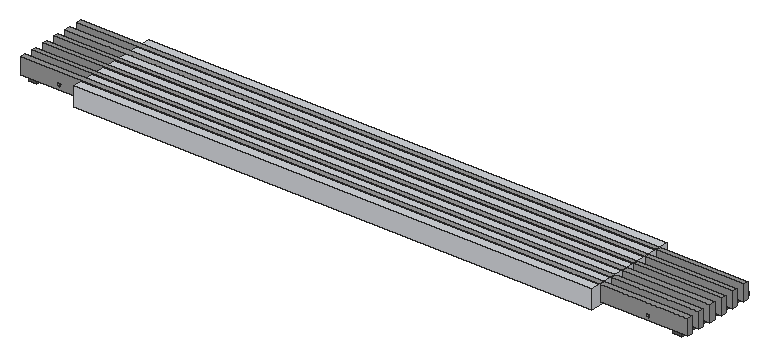
Revit family "1213-6, Veneer", category Generic Models, host Face, Revit 2020
Family settings
  Host = Face
  Can host rebar = No
  Round Connector Dimension = Use Diameter
  Part Type = Normal
  Cut with Voids When Loaded = No
  Shared = No
  Room Calculation Point = No
Parameters
  min_value [instance] = 1' - 11 1/4"  # constant formula
  max_value [instance] = 9' - 11 1/4"  # constant formula
  actual_value [instance] = if(NET LENGTH < min_value, min_value, if(NET LENGTH > max_value, max_value, NET LENGTH))  # 7' - 11 1/4"
  NET LENGTH [instance] = 7' - 11 1/4"
  IMPORTANT NOTE!!!                                                                             *Backer & dowel layout is for visualization purposes only, final layout to be determined by 9Wood. [instance] = ""
  Default Elevation = 4' - 0"
  DOWEL RADIUS [instance] = 0' - 0 1/4"  # constant formula
  BACKING M MATERIAL [instance] = BLACK-BACKERS
  .. MEMBER WIDTH [instance] = 0' - 0 3/4"  # constant formula
  .. MEMBER MATERIAL [instance] = Veneer Cherry
  .. MEMBER DEPTH [instance] = 0' - 2 1/4"  # constant formula
  .. MEMBER COUNT [instance] = 6  # constant formula
Reference planes (in)
  plane 1 "Center (Front/Back)": y = 0
  plane 2: z = 2.726
  plane 3 "Center (Left/Right)": x = 0
Forms (in)
  Extrusion 1, solid
    sketch origin (15, -0.86619, -0.99308) x (0, 1, 0) y (-1, 0, 0)
      loop
        line (3.42869, -23.66817) -> (3.42869, 50.25) -> (-10, 50.25) -> (-10, -23.66817) -> (3.42869, -23.66817)
    from 3.71908 to 1.00111
Dimensions and locks (in)
  aligned and locked: plane 2 to Extrusion 1
Nested families (in)
  nested 1: "1200 Series" at (-44, -2, 1.87867), NET LENGTH <- "actual_value", DOWEL RADII <- "DOWEL RADIUS", .. MEMBER WIDTH <- ".. MEMBER WIDTH", .. MEMBER DEPTH <- ".. MEMBER DEPTH", .. MEMBER MATERIAL <- ".. MEMBER MATERIAL", BACKING M MATERIAL <- "BACKING M MATERIAL", .. MEMBER COUNT <- ".. MEMBER COUNT", type "1200 Series"
    with X 7' - 4", WIDTH 1' - 0 1/16", Space 0' - 0 11/16", START 0' - 0 3/8", SCRIM MATERIAL SCRIM, SCRIM 3 8' - 1", SCRIM 2 0' - 0 7/8", SCRIM 1 0' - 0 3/32", SCRIM yes, NET LENGTH 7' - 11 1/4", N 8, INSET 3 0' - 0 3/16", INSET 0' - 1", INDEX 0' - 5 5/8", END BACKER yes, DOWEL RADII 0' - 0 1/4", DOWEL COUNT 8, BACKING M WIDTH 0' - 1 1/4", BACKING M MATERIAL BLACK-BACKERS, BACKING M LENGTH 0' - 11 7/8", BACKING M DEPTH 0' - 0 1/2", .. MEMBER WIDTH 0' - 0 3/4", .. MEMBER OC TYP 0' - 2", .. MEMBER MATERIAL Veneer Cherry, .. MEMBER DEPTH 0' - 2 1/4", .. MEMBER COUNT 6
Definition of nested family "1200 Series"
  Parameters (values of type "1200 Series")
    X [instance] = NET LENGTH - (0' 3 5/8" * 2)  # 6' - 2"
    WIDTH [instance] = 1' - 0 1/16"
    Space [instance] = 0' - 0 11/16"  # constant formula
    START [instance] = .. MEMBER WIDTH / 2  # 0' - 0 3/8"
    SCRIM MATERIAL [instance] = none
    SCRIM 3 [instance] = NET LENGTH + (SCRIM 2 * 2)  # 6' - 11"
    SCRIM 2 [instance] = 0' - 0 7/8"
    SCRIM 1 [instance] = 0' - 0 3/32"
    SCRIM [instance] = yes
    NET LENGTH [instance] = 6' - 9 1/4"
    N [instance] = if((X - (rounddown(X / 1' 0") * 1' 0")) > 1' 0", rounddown(X / 1' 0") + 2, rounddown(X / 1' 0") + 1)  # 7
    INSET 3 [instance] = 0' - 0 3/16"
    INSET [instance] = 0' - 1"
    INDEX [instance] = (NET LENGTH - ((N - 1) * 1' 0")) / 2  # 0' - 4 5/8"
    END BACKER [instance] = yes
    Default Elevation = 0' - 0"
    DOWEL RADII [instance] = 0' - 0 1/4"
    DOWEL COUNT [instance] = N  # 7
    BACKING M WIDTH [instance] = 0' - 1 1/4"
    BACKING M MATERIAL [instance] = none
    BACKING M LENGTH [instance] = 0' - 11 7/8"
    BACKING M DEPTH [instance] = 0' - 0 1/2"
    .. MEMBER WIDTH [instance] = 0' - 0 3/4"
    .. MEMBER OC TYP [instance] = 1' 0" / .. MEMBER COUNT  # 0' - 3"
    .. MEMBER MATERIAL [instance] = none
    .. MEMBER DEPTH [instance] = 0' - 1 3/8"
    .. MEMBER COUNT [instance] = 4
  Reference planes (in)
    plane 1 "Center (Front/Back)": y = -7.5
    plane 2: z = 0
    plane 3 "Center (Left/Right)": x = 0
    plane 4: x = 1
    plane 5: x = 4.625
    plane 6: x = 81.25
    plane 7: x = 80.25
    plane 8: x = 16.625
    plane 9: y = -7.3125
    plane 10: y = -4.125
    plane 11: y = -7.125
    plane 12: y = 4.5625
    plane 13: y = -4.5
    plane 14: y = -7.59375
    plane 15: x = 82.125
    plane 16: y = 4.65625
    plane 17: x = -0.875
    plane 18: z = -1.375
    plane 19: z = -0.6875
  Lines and regions (in)
    model lines
      curve 1: line (4.375, -7.5, -0.6875) -> (4.875, -7.5, -0.6875)
    model lines, not visible
      curve 2: line (4.625, -7.5, -0.9375) -> (4.625, -7.5, -0.4375)
      curve 3: line (4.375, -7.5, -0.6875) -> (4.875, -7.5, -0.6875)
      curve 4: line (16.625, -7.5, -0.9375) -> (16.625, -7.5, -0.4375)
      curve 5: line (16.375, -7.5, -0.6875) -> (16.875, -7.5, -0.6875)
      curve 6: line (28.625, -7.5, -0.9375) -> (28.625, -7.5, -0.4375)
      curve 7: line (28.375, -7.5, -0.6875) -> (28.875, -7.5, -0.6875)
      curve 8: line (40.625, -7.5, -0.9375) -> (40.625, -7.5, -0.4375)
      curve 9: line (40.375, -7.5, -0.6875) -> (40.875, -7.5, -0.6875)
      curve 10: line (52.625, -7.5, -0.9375) -> (52.625, -7.5, -0.4375)
      curve 11: line (52.375, -7.5, -0.6875) -> (52.875, -7.5, -0.6875)
      curve 12: line (64.625, -7.5, -0.9375) -> (64.625, -7.5, -0.4375)
      curve 13: line (64.375, -7.5, -0.6875) -> (64.875, -7.5, -0.6875)
      curve 14: line (76.625, -7.5, -0.9375) -> (76.625, -7.5, -0.4375)
      curve 15: line (76.375, -7.5, -0.6875) -> (76.875, -7.5, -0.6875)
  Dimensions and locks (in)
    "NET LENGTH": plane 3 "Center (Left/Right)" to plane 6
    "INSET": plane 7 to plane 6
    "INDEX": plane 3 "Center (Left/Right)" to plane 5
    plane 5 to plane 8 = 1' - 0"
    "INSET 3": plane 1 "Center (Front/Back)" to plane 9
    equal spacing: group 1, group 2, group 3, group 4  (x3)
    "START": plane 11 to plane 1 "Center (Front/Back)"
    ".. MEMBER OC TYP": plane 10 to plane 11
    "WIDTH": plane 12 to plane 1 "Center (Front/Back)"
    "START": plane 10 to plane 13
    "SCRIM 1": plane 14 to plane 1 "Center (Front/Back)"
    "SCRIM 2": plane 6 to plane 15
    "SCRIM 1": plane 12 to plane 16
    "SCRIM 2": plane 17 to plane 3 "Center (Left/Right)"
    "INSET": plane 3 "Center (Left/Right)" to plane 4
    equal spacing: group 5, group 6, group 7, group 8, group 9, group 10, group 11  (x3)
    "Space": plane 19 to plane 18
    aligned and locked: level to plane 2
    aligned and locked: nested 1 to plane 4  (x2)
    aligned and locked: plane 7 to nested 2
    aligned and locked: plane 5 to nested 3
    aligned and locked: nested 1 to plane 9
    aligned and locked: plane 1 "Center (Front/Back)" to nested 4
    aligned and locked: plane 9 to nested 2
    aligned and locked: plane 13 to nested 5
    aligned and locked: nested 3 to plane 9
    aligned and locked: plane 18 to nested 1
    aligned and locked: plane 19 to nested 3
    aligned and locked: curve 1 to plane 19
    aligned and locked: plane 8 to curve 4
    aligned and locked: curve 5 to plane 19
    aligned and locked: nested 4 to plane 18
  Automatic sketch dimensions
    curve 1 to curve 1 = 0' - 0 1/2"
    curve 1 to plane 5 = 0' - 0 1/4"
    plane 5 to curve 1 = 0' - 0 1/4"
    curve 3 to curve 2 = 0' - 0 1/4"  (x2)
    curve 2 to curve 3 = 0' - 0 1/4"  (x2)
    curve 5 to curve 4 = 0' - 0 1/4"  (x2)
    curve 4 to curve 5 = 0' - 0 1/4"  (x2)
    curve 7 to curve 6 = 0' - 0 1/4"  (x2)
    curve 6 to curve 7 = 0' - 0 1/4"  (x2)
    curve 9 to curve 8 = 0' - 0 1/4"  (x2)
    curve 8 to curve 9 = 0' - 0 1/4"  (x2)
    curve 11 to curve 10 = 0' - 0 1/4"  (x2)
    curve 10 to curve 11 = 0' - 0 1/4"  (x2)
    curve 13 to curve 12 = 0' - 0 1/4"  (x2)
    curve 12 to curve 13 = 0' - 0 1/4"  (x2)
    curve 15 to curve 14 = 0' - 0 1/4"  (x2)
    curve 14 to curve 15 = 0' - 0 1/4"  (x2)
  Nested families (in)
    nested 1: "INSTANCE - 2ND -  EXTEND SIDE H CENTER W - Parametric Cube" at (1, -1.375, -1.375) x (0, -1, 0) z (0, 0, 1), Width <- "BACKING M LENGTH", Length <- "BACKING M WIDTH", Material <- "BACKING M MATERIAL", Height <- "BACKING M DEPTH", visible <- "END BACKER", type "INSTANCE - 2ND -  EXTEND SIDE H CENTER W - Parametric Cube"
      with Width 0' - 11 7/8", Material none, Length 0' - 1 1/4", Height 0' - 0 1/2"
    nested 2: "INSTANCE - 2ND -  EXTEND SIDE H CENTER W - Parametric Cube" at (80.25, -1.375, -1.375) x (0, -1, 0) z (0, 0, 1), Width <- "BACKING M LENGTH", Length <- "BACKING M WIDTH", Material <- "BACKING M MATERIAL", Height <- "BACKING M DEPTH", visible <- "END BACKER", type "INSTANCE - 2ND -  EXTEND SIDE H CENTER W - Parametric Cube"
      with Width 0' - 11 7/8", Material none, Length 0' - 1 1/4", Height 0' - 0 1/2"
    nested 3: "Family3" at (-5.375, -7.3125, -0.6875), DOWEL RADII <- "DOWEL RADII", BACKING MEM MATERIAL <- "BACKING M MATERIAL", type "Family3"
      with DOWEL RADII 0' - 0 1/4", DOWEL LENGTH 0' - 11 7/8", BACKING MEM MATERIAL none
    nested 4: "HOLED MEMBER" at (0, -18.75, 6.19404), DOWEL RADII <- "DOWEL RADII", .. MEMBER LENGTH <- "NET LENGTH", DOWEL COUNT <- "DOWEL COUNT", DEPTH <- ".. MEMBER DEPTH", .. MEMBER WIDTH <- ".. MEMBER WIDTH", Material <- ".. MEMBER MATERIAL", DOWEL INDEX <- "INDEX", Space 2 <- "Space", type "HOLED MEMBER"
      with Width 0' - 6", Space 2 0' - 0 11/16", Material none, Length 1' - 0", Height 0' - 10.43096", DOWEL RADII 0' - 0 1/4", DOWEL OC DIST 1' - 0", DOWEL INDEX 0' - 4 5/8", DOWEL COUNT 7, DEPTH 0' - 1 3/8", .. MEMBER WIDTH 0' - 0 3/4", .. MEMBER LENGTH 6' - 9 1/4"
    nested 5: "HOLED MEMBER" at (0, -15.75, 6.19404), DOWEL RADII <- "DOWEL RADII", .. MEMBER LENGTH <- "NET LENGTH", DOWEL COUNT <- "DOWEL COUNT", DEPTH <- ".. MEMBER DEPTH", .. MEMBER WIDTH <- ".. MEMBER WIDTH", Material <- ".. MEMBER MATERIAL", DOWEL INDEX <- "INDEX", Space 2 <- "Space", type "HOLED MEMBER"
      with Width 0' - 6", Space 2 0' - 0 11/16", Material none, Length 1' - 0", Height 0' - 10.43096", DOWEL RADII 0' - 0 1/4", DOWEL OC DIST 1' - 0", DOWEL INDEX 0' - 4 5/8", DOWEL COUNT 7, DEPTH 0' - 1 3/8", .. MEMBER WIDTH 0' - 0 3/4", .. MEMBER LENGTH 6' - 9 1/4"
    nested 6: "HOLED MEMBER" at (0, -12.75, 6.19404), DOWEL RADII <- "DOWEL RADII", .. MEMBER LENGTH <- "NET LENGTH", DOWEL COUNT <- "DOWEL COUNT", DEPTH <- ".. MEMBER DEPTH", .. MEMBER WIDTH <- ".. MEMBER WIDTH", Material <- ".. MEMBER MATERIAL", DOWEL INDEX <- "INDEX", Space 2 <- "Space", type "HOLED MEMBER"
      with Width 0' - 6", Space 2 0' - 0 11/16", Material none, Length 1' - 0", Height 0' - 10.43096", DOWEL RADII 0' - 0 1/4", DOWEL OC DIST 1' - 0", DOWEL INDEX 0' - 4 5/8", DOWEL COUNT 7, DEPTH 0' - 1 3/8", .. MEMBER WIDTH 0' - 0 3/4", .. MEMBER LENGTH 6' - 9 1/4"
    nested 7: "HOLED MEMBER" at (0, -9.75, 6.19404), DOWEL RADII <- "DOWEL RADII", .. MEMBER LENGTH <- "NET LENGTH", DOWEL COUNT <- "DOWEL COUNT", DEPTH <- ".. MEMBER DEPTH", .. MEMBER WIDTH <- ".. MEMBER WIDTH", Material <- ".. MEMBER MATERIAL", DOWEL INDEX <- "INDEX", Space 2 <- "Space", type "HOLED MEMBER"
      with Width 0' - 6", Space 2 0' - 0 11/16", Material none, Length 1' - 0", Height 0' - 10.43096", DOWEL RADII 0' - 0 1/4", DOWEL OC DIST 1' - 0", DOWEL INDEX 0' - 4 5/8", DOWEL COUNT 7, DEPTH 0' - 1 3/8", .. MEMBER WIDTH 0' - 0 3/4", .. MEMBER LENGTH 6' - 9 1/4"
    nested 8: "Family3" at (6.625, -7.3125, -0.6875), DOWEL RADII <- "DOWEL RADII", BACKING MEM MATERIAL <- "BACKING M MATERIAL", type "Family3"
      with DOWEL RADII 0' - 0 1/4", DOWEL LENGTH 0' - 11 7/8", BACKING MEM MATERIAL none
    nested 9: "Family3" at (18.625, -7.3125, -0.6875), DOWEL RADII <- "DOWEL RADII", BACKING MEM MATERIAL <- "BACKING M MATERIAL", type "Family3"
      with DOWEL RADII 0' - 0 1/4", DOWEL LENGTH 0' - 11 7/8", BACKING MEM MATERIAL none
    nested 10: "Family3" at (30.625, -7.3125, -0.6875), DOWEL RADII <- "DOWEL RADII", BACKING MEM MATERIAL <- "BACKING M MATERIAL", type "Family3"
      with DOWEL RADII 0' - 0 1/4", DOWEL LENGTH 0' - 11 7/8", BACKING MEM MATERIAL none
    nested 11: "Family3" at (42.625, -7.3125, -0.6875), DOWEL RADII <- "DOWEL RADII", BACKING MEM MATERIAL <- "BACKING M MATERIAL", type "Family3"
      with DOWEL RADII 0' - 0 1/4", DOWEL LENGTH 0' - 11 7/8", BACKING MEM MATERIAL none
    nested 12: "Family3" at (54.625, -7.3125, -0.6875), DOWEL RADII <- "DOWEL RADII", BACKING MEM MATERIAL <- "BACKING M MATERIAL", type "Family3"
      with DOWEL RADII 0' - 0 1/4", DOWEL LENGTH 0' - 11 7/8", BACKING MEM MATERIAL none
    nested 13: "Family3" at (66.625, -7.3125, -0.6875), DOWEL RADII <- "DOWEL RADII", BACKING MEM MATERIAL <- "BACKING M MATERIAL", type "Family3"
      with DOWEL RADII 0' - 0 1/4", DOWEL LENGTH 0' - 11 7/8", BACKING MEM MATERIAL none
  Definition of nested family "INSTANCE - 2ND -  EXTEND SIDE H CENTER W - Parametric Cube"
    Parameters (values of type "INSTANCE - 2ND -  EXTEND SIDE H CENTER W - Parametric Cube")
      Width [instance] = 0' - 6"
      Material [instance] = none
      Length [instance] = 1' - 0"
      Height [instance] = 1' - 6"
      Default Elevation = 0' - 0"
    Reference planes (in)
      plane 1 "Center (Front/Back)": y = 0
      plane 2: z = 0
      plane 3 "Center (Left/Right)": x = 0
      plane 4: x = -3
      plane 5: x = 3
      plane 6: y = 12
      plane 7: z = -18
    Forms (in)
      Extrusion 1, solid, material <- "Material"
        sketch origin (0, 6, 0) x (1, 0, 0) y (0, 1, 0)
          loop
            line (-3, 6) -> (-3, -6) -> (3, -6) -> (3, 6) -> (-3, 6)
        from -18 to 0
    Dimensions and locks (in)
      equal spacing: plane 4, plane 3 "Center (Left/Right)", plane 5
      "Width": plane 4 to plane 5
      "Height": plane 7 to level
      "Length": plane 1 "Center (Front/Back)" to plane 6
      aligned and locked: plane 2 to level
      aligned and locked: plane 4 to Extrusion 1 sketch curve
      aligned and locked: Extrusion 1 sketch curve to plane 5
      aligned and locked: Extrusion 1 to plane 7
      aligned and locked: plane 6 to Extrusion 1
    Automatic sketch dimensions
      plane 1 "Center (Front/Back)" to Extrusion 1 sketch curve = 0' - 0"
      plane 6 to Extrusion 1 sketch curve = 0' - 0"
  Definition of nested family "Family3"
    Parameters (values of type "Family3")
      Default Elevation = 0' - 0"
      DOWEL RADII [instance] = 0' - 0 5/8"
      DOWEL LENGTH [instance] = 0' - 5"
      BACKING MEM MATERIAL [instance] = none
    Reference planes (in)
      plane 1 "Center (Front/Back)": y = 0
      plane 2: z = 0
      plane 3 "Center (Left/Right)": x = 0
      plane 4: y = 5
    Forms (in)
      Extrusion 1, solid, material <- "BACKING MEM MATERIAL"
        sketch origin (10, 0, 0) x (1, 0, 0) y (0, 0, 1)
          loop
            circle (0, 0) r 0.625
        from 0 to -5
      Extrusion 2, solid, not visible
        sketch origin (0, 0, 0) x (1, 0, 0) y (0, 0, 1)
          loop
            circle (0, 0) r 0.625
        from 0 to 12
      Extrusion 3, solid, not visible
        sketch origin (10, 0, 0) x (1, 0, 0) y (0, 0, 1)
          loop
            circle (0, 0) r 0.625
        from 0 to 2.5
      Extrusion 4, solid, not visible
        sketch origin (10, 0, 0) x (1, 0, 0) y (0, 0, 1)
          loop
            circle (0, 0) r 0.625
        from 0 to -12
    Lines and regions (in)
      model lines, not visible
        curve 1: line (-13, 0, 0) -> (-13, -12, 0)
        curve 2: line (13, 0, 0) -> (13, -12, 0)
        curve 3: line (9.89453, 0, 0) -> (10.08794, 0, 0)
        curve 4: line (9.89453, -2.5, 0) -> (10.08794, -2.5, 0)
        curve 6: line (10, 0, 0) -> (10, 2, 0)
      model lines
        curve 5: line (10, 0, 0) -> (10, 2, 0)
    Dimensions and locks (in)
      "DOWEL LENGTH": plane 1 "Center (Front/Back)" to plane 4
      "DOWEL RADII": radius of Extrusion 1 sketch curve
      "DOWEL RADII": radius of Extrusion 2 sketch curve
      "DOWEL RADII": radius of Extrusion 3 sketch curve
      "DOWEL RADII": radius of Extrusion 4 sketch curve
      "DOWEL RADII": radius of Extrusion 1
      aligned and locked: plane 2 to level
      aligned and locked: Extrusion 1 to plane 1 "Center (Front/Back)"  (x3)
      aligned and locked: plane 1 "Center (Front/Back)" to Extrusion 1
      aligned and locked: plane 4 to Extrusion 1
    Automatic sketch dimensions
      plane 1 "Center (Front/Back)" to curve 5 = 0' - 0"
      curve 5 to plane 1 "Center (Front/Back)" = 0' - 2"
      plane 3 "Center (Left/Right)" to curve 5 = 0' - 10"
      Extrusion 1 sketch curve to level = 0' - 0"
      plane 3 "Center (Left/Right)" to Extrusion 1 sketch curve = 0' - 10"
  Definition of nested family "HOLED MEMBER"
    Parameters (values of type "HOLED MEMBER")
      Width [instance] = 0' - 6"
      Space 2 [instance] = 0' - 0 5/8"
      Space = 0' - 0 5/8"
      Material [instance] = none
      Length [instance] = 1' - 0"
      Height [instance] = 0' - 10.43096"
      Default Elevation = 0' - 0"
      DOWEL RADII [instance] = 0' - 0.34537"
      DOWEL OC DIST [instance] = 1' - 0"
      DOWEL INSET = 0' - 0 5/8"
      DOWEL INDEX [instance] = 0' - 5 5/8"
      DOWEL COUNT [instance] = 6
      DEPTH [instance] = 0' - 2"
      .. MEMBER WIDTH [instance] = 0' - 0 5/8"
      .. MEMBER LENGTH [instance] = 5' - 11 3/4"
    Reference planes (in)
      plane 1 "Center (Front/Back)": y = 12
      plane 2: z = -7.56904
      plane 3 "Center (Left/Right)": x = 0
      plane 4: x = 5.625
      plane 5: x = 17.625
      plane 6: y = 11.375
      plane 7: x = 71.75
      plane 8: z = -6.94404
      plane 9: z = -5.56904
    Forms (in)
      Extrusion 1, solid, material <- "Material"
        sketch origin (0, 12, -13.56904) x (1, 0, 0) y (0, 0, 1)
          loop
            line (0, 6) -> (71.75, 6) -> (71.75, 8) -> (0, 8) -> (0, 6)
        from 0.625 to 0
      Extrusion 2, void
        sketch origin (0, 12, -18.31904) x (1, 0, 0) y (0, 0, 1)
          loop
            circle (5.625, 11.375) r 0.34537
        from 0 to 12
      Extrusion 3, void, not visible
        sketch origin (0, 1.25, 0) x (1, 0, 0) y (0, 1, 0)
          loop
            circle (5.625, 11.375) r 0.34537
        from 0 to 12
      Extrusion 4, void, not visible
        sketch origin (0, 1.25, 0) x (1, 0, 0) y (0, 1, 0)
          loop
            circle (5.625, 11.375) r 0.34537
        from 0 to 12
      Extrusion 5, void, not visible
        sketch origin (12, 1.25, 0) x (1, 0, 0) y (0, 1, 0)
          loop
            circle (5.625, 11.375) r 0.34537
        from 0 to 12
      Extrusion 6, void, not visible
        sketch origin (0, 12, -16.31904) x (1, 0, 0) y (0, 0, 1)
          loop
            circle (5.625, 11.375) r 0.34537
        from 0 to 12
      Extrusion 7, void, not visible
        sketch origin (12, 12, -16.31904) x (1, 0, 0) y (0, 0, 1)
          loop
            circle (5.625, 11.375) r 0.34537
        from 0 to 12
      Extrusion 8, void, not visible
        sketch origin (0, 12, -18.31904) x (1, 0, 0) y (0, 0, 1)
          loop
            circle (5.625, 11.375) r 0.34537
        from 0 to 12
      Extrusion 9, void
        sketch origin (12, 12, -18.31904) x (1, 0, 0) y (0, 0, 1)
          loop
            circle (5.625, 11.375) r 0.34537
        from 0 to 12
      Extrusion 10, void, not visible
        sketch origin (24, 12, -16.31904) x (1, 0, 0) y (0, 0, 1)
          loop
            circle (5.625, 11.375) r 0.34537
        from 0 to 12
      Extrusion 11, void, not visible
        sketch origin (36, 12, -16.31904) x (1, 0, 0) y (0, 0, 1)
          loop
            circle (5.625, 11.375) r 0.34537
        from 0 to 12
      Extrusion 12, void, not visible
        sketch origin (48, 12, -16.31904) x (1, 0, 0) y (0, 0, 1)
          loop
            circle (5.625, 11.375) r 0.34537
        from 0 to 12
      Extrusion 13, void, not visible
        sketch origin (60, 12, -16.31904) x (1, 0, 0) y (0, 0, 1)
          loop
            circle (5.625, 11.375) r 0.34537
        from 0 to 12
      Extrusion 14, void, not visible
        sketch origin (24, 1.25, 0) x (1, 0, 0) y (0, 1, 0)
          loop
            circle (5.625, 11.375) r 0.34537
        from 0 to 12
      Extrusion 15, void, not visible
        sketch origin (36, 1.25, 0) x (1, 0, 0) y (0, 1, 0)
          loop
            circle (5.625, 11.375) r 0.34537
        from 0 to 12
      Extrusion 16, void, not visible
        sketch origin (48, 1.25, 0) x (1, 0, 0) y (0, 1, 0)
          loop
            circle (5.625, 11.375) r 0.34537
        from 0 to 12
      Extrusion 17, void, not visible
        sketch origin (60, 1.25, 0) x (1, 0, 0) y (0, 1, 0)
          loop
            circle (5.625, 11.375) r 0.34537
        from 0 to 12
      Extrusion 18, void
        sketch origin (24, 12, -18.31904) x (1, 0, 0) y (0, 0, 1)
          loop
            circle (5.625, 11.375) r 0.34537
        from 0 to 12
      Extrusion 19, void
        sketch origin (36, 12, -18.31904) x (1, 0, 0) y (0, 0, 1)
          loop
            circle (5.625, 11.375) r 0.34537
        from 0 to 12
      Extrusion 20, void
        sketch origin (48, 12, -18.31904) x (1, 0, 0) y (0, 0, 1)
          loop
            circle (5.625, 11.375) r 0.34537
        from 0 to 12
      Extrusion 21, void
        sketch origin (60, 12, -18.31904) x (1, 0, 0) y (0, 0, 1)
          loop
            circle (5.625, 11.375) r 0.34537
        from 0 to 12
    Cuts and joins
      Extrusion 2, Extrusion 9, Extrusion 18, Extrusion 19, Extrusion 20, Extrusion 21 cuts Extrusion 1
    Lines and regions (in)
      model lines, not visible
        curve 1: line (5.625, 11.72037, 0) -> (5.625, 11.02963, 0)
        curve 2: line (5.625, 11.72037, 0) -> (5.625, 11.02963, 0)
        curve 3: line (17.625, 11.72037, 0) -> (17.625, 11.02963, 0)
        curve 4: line (5.625, 12, -7.56904) -> (5.625, 11.87317, -7.56904)
        curve 5: line (5.625, 11.87317, -7.56904) -> (5.06195, 11.87317, -7.56904)
        curve 6: line (5.06195, 11.87317, -7.56904) -> (5.27963, 11.375, -7.56904)
        curve 7: line (0, 12, -6.19404) -> (0, 11.61951, -6.19404)
        curve 8: line (0, 11.375, -8.19404) -> (0, 11.6747, -8.19404)
        curve 9: line (5.625, 12, -7.56904) -> (5.625, 11.69863, -7.56904)
        curve 11: line (5.625, 12, 0) -> (5.625, 12, 0.30137)
        curve 12: line (5.625, 12, 0) -> (5.625, 12, 0.30137)
        curve 13: line (17.625, 12, 0) -> (17.625, 12, 0.30137)
        curve 14: line (5.625, 12, -5.56904) -> (5.625, 11.69863, -5.56904)
        curve 15: line (17.625, 12, -5.56904) -> (17.625, 11.69863, -5.56904)
        curve 16: line (5.625, 12, -7.56904) -> (5.625, 11.69863, -7.56904)
        curve 18: line (29.625, 12, -5.56904) -> (29.625, 11.69863, -5.56904)
        curve 19: line (41.625, 12, -5.56904) -> (41.625, 11.69863, -5.56904)
        curve 20: line (53.625, 12, -5.56904) -> (53.625, 11.69863, -5.56904)
        curve 21: line (65.625, 12, -5.56904) -> (65.625, 11.69863, -5.56904)
        curve 22: line (29.625, 11.72037, 0) -> (29.625, 11.02963, 0)
        curve 23: line (29.625, 12, 0) -> (29.625, 12, 0.30137)
        curve 24: line (41.625, 11.72037, 0) -> (41.625, 11.02963, 0)
        curve 25: line (41.625, 12, 0) -> (41.625, 12, 0.30137)
        curve 26: line (53.625, 11.72037, 0) -> (53.625, 11.02963, 0)
        curve 27: line (53.625, 12, 0) -> (53.625, 12, 0.30137)
        curve 28: line (65.625, 11.72037, 0) -> (65.625, 11.02963, 0)
        curve 29: line (65.625, 12, 0) -> (65.625, 12, 0.30137)
        curve 35: line (5.27963, 12.625, 0) -> (5.97037, 12.625, 0)
        curve 36: line (5.27963, 12.625, 0) -> (5.97037, 12.625, 0)
        curve 37: line (17.27963, 12.625, 0) -> (17.97037, 12.625, 0)
        curve 38: line (5.27963, 12, -4.94404) -> (5.97037, 12, -4.94404)
        curve 39: line (17.27963, 12, -4.94404) -> (17.97037, 12, -4.94404)
        curve 40: line (5.27963, 12, -6.94404) -> (5.97037, 12, -6.94404)
        curve 42: line (29.27963, 12, -4.94404) -> (29.97037, 12, -4.94404)
        curve 43: line (41.27963, 12, -4.94404) -> (41.97037, 12, -4.94404)
        curve 44: line (53.27963, 12, -4.94404) -> (53.97037, 12, -4.94404)
        curve 45: line (65.27963, 12, -4.94404) -> (65.97037, 12, -4.94404)
        curve 46: line (29.27963, 12.625, 0) -> (29.97037, 12.625, 0)
        curve 47: line (41.27963, 12.625, 0) -> (41.97037, 12.625, 0)
        curve 48: line (53.27963, 12.625, 0) -> (53.97037, 12.625, 0)
        curve 49: line (65.27963, 12.625, 0) -> (65.97037, 12.625, 0)
        curve 54: line (0, 12, -6.94404) -> (0, 4.22059, -6.94404)
        curve 55: line (0, 12.625, 0) -> (0, 12.625, 7.77941)
        curve 56: line (0, 12.625, 0) -> (0, 12.625, 7.77941)
        curve 57: line (12, 12.625, 0) -> (12, 12.625, 7.77941)
        curve 58: line (0, 12, -4.94404) -> (0, 4.22059, -4.94404)
        curve 59: line (12, 12, -4.94404) -> (12, 4.22059, -4.94404)
        curve 60: line (0, 12, -6.94404) -> (0, 4.22059, -6.94404)
        curve 61: line (12, 12, -6.94404) -> (12, 4.22059, -6.94404)
        curve 62: line (24, 12, -4.94404) -> (24, 4.22059, -4.94404)
        curve 63: line (36, 12, -4.94404) -> (36, 4.22059, -4.94404)
        curve 64: line (48, 12, -4.94404) -> (48, 4.22059, -4.94404)
        curve 65: line (60, 12, -4.94404) -> (60, 4.22059, -4.94404)
        curve 66: line (24, 12.625, 0) -> (24, 12.625, 7.77941)
        curve 67: line (36, 12.625, 0) -> (36, 12.625, 7.77941)
        curve 68: line (48, 12.625, 0) -> (48, 12.625, 7.77941)
        curve 69: line (60, 12.625, 0) -> (60, 12.625, 7.77941)
        curve 70: line (24, 12, -6.94404) -> (24, 4.22059, -6.94404)
        curve 71: line (36, 12, -6.94404) -> (36, 4.22059, -6.94404)
        curve 72: line (48, 12, -6.94404) -> (48, 4.22059, -6.94404)
        curve 73: line (60, 12, -6.94404) -> (60, 4.22059, -6.94404)
      model lines
        curve 10: line (5.625, 12, -7.56904) -> (5.625, 11.69863, -7.56904)
        curve 17: line (17.625, 12, -7.56904) -> (17.625, 11.69863, -7.56904)
        curve 30: line (29.625, 12, -7.56904) -> (29.625, 11.69863, -7.56904)
        curve 31: line (41.625, 12, -7.56904) -> (41.625, 11.69863, -7.56904)
        curve 32: line (53.625, 12, -7.56904) -> (53.625, 11.69863, -7.56904)
        curve 33: line (65.625, 12, -7.56904) -> (65.625, 11.69863, -7.56904)
        curve 34: line (5.27963, 12, -6.94404) -> (5.97037, 12, -6.94404)
        curve 41: line (17.27963, 12, -6.94404) -> (17.97037, 12, -6.94404)
        curve 50: line (29.27963, 12, -6.94404) -> (29.97037, 12, -6.94404)
        curve 51: line (41.27963, 12, -6.94404) -> (41.97037, 12, -6.94404)
        curve 52: line (53.27963, 12, -6.94404) -> (53.97037, 12, -6.94404)
        curve 53: line (65.27963, 12, -6.94404) -> (65.97037, 12, -6.94404)
    Dimensions and locks (in)
      "DOWEL INDEX": plane 3 "Center (Left/Right)" to plane 4
      "DOWEL OC DIST": plane 4 to plane 5
      ".. MEMBER LENGTH": plane 3 "Center (Left/Right)" to plane 7
      equal spacing: group 3, group 4, group 17, group 18, group 19, group 20  (x3)
      equal spacing: group 7, group 8, group 13, group 14, group 15, group 16  (x3)
      equal spacing: group 1, group 12, group 21, group 22, group 23, group 24  (x3)
      ".. MEMBER WIDTH": plane 6 to plane 1 "Center (Front/Back)"
      "DEPTH": plane 9 to level
      "Space 2": plane 8 to level
      "DOWEL RADII": radius of Extrusion 2 sketch curve
      "DOWEL RADII": radius of Extrusion 3 sketch curve
      "DOWEL RADII": radius of Extrusion 4 sketch curve
      "DOWEL RADII": radius of Extrusion 5 sketch curve
      "DOWEL RADII": radius of Extrusion 6 sketch curve
      "DOWEL RADII": radius of Extrusion 7 sketch curve
      "DOWEL RADII": radius of Extrusion 8 sketch curve
      "DOWEL RADII": radius of Extrusion 9 sketch curve
      "DOWEL RADII": radius of Extrusion 10 sketch curve
      "DOWEL RADII": radius of Extrusion 11 sketch curve
      "DOWEL RADII": radius of Extrusion 12 sketch curve
      "DOWEL RADII": radius of Extrusion 13 sketch curve
      "DOWEL RADII": radius of Extrusion 14 sketch curve
      "DOWEL RADII": radius of Extrusion 15 sketch curve
      "DOWEL RADII": radius of Extrusion 16 sketch curve
      "DOWEL RADII": radius of Extrusion 17 sketch curve
      "DOWEL RADII": radius of Extrusion 18 sketch curve
      "DOWEL RADII": radius of Extrusion 19 sketch curve
      "DOWEL RADII": radius of Extrusion 20 sketch curve
      "DOWEL RADII": radius of Extrusion 21 sketch curve
      aligned and locked: level to plane 2
      aligned and locked: Extrusion 1 to plane 3 "Center (Left/Right)"  (x2)
      aligned and locked: plane 7 to cut or joined group of Extrusion 1, Extrusion 2, Extrusion 9, Extrusion 18, Extrusion 19, Extrusion 20, Extrusion 21  (x2)
      aligned and locked: cut or joined group of Extrusion 1, Extrusion 2, Extrusion 9, Extrusion 18, Extrusion 19, Extrusion 20, Extrusion 21 to plane 1 "Center (Front/Back)"  (x2)
      aligned and locked: cut or joined group of Extrusion 1, Extrusion 2, Extrusion 9, Extrusion 18, Extrusion 19, Extrusion 20, Extrusion 21 to plane 6  (x2)
      aligned and locked: plane 4 to curve 10
      aligned and locked: plane 5 to curve 17
      aligned and locked: plane 9 to cut or joined group of Extrusion 1, Extrusion 2, Extrusion 9, Extrusion 18, Extrusion 19, Extrusion 20, Extrusion 21  (x2)
      aligned and locked: cut or joined group of Extrusion 1, Extrusion 2, Extrusion 9, Extrusion 18, Extrusion 19, Extrusion 20, Extrusion 21 to level
      aligned and locked: plane 8 to Extrusion 2
      aligned and locked: curve 34 to plane 8
      aligned and locked: curve 41 to plane 8
      aligned and locked: level to curve 10
      aligned and locked: curve 10 to level
      aligned and locked: plane 8 to cut or joined group of Extrusion 1, Extrusion 2, Extrusion 9, Extrusion 18, Extrusion 19, Extrusion 20, Extrusion 21
      aligned and locked: curve 54 to plane 8
    Automatic sketch dimensions
      curve 1 to curve 1 = 0' - 0.69074"
      curve 2 to curve 2 = 0' - 0.69074"
      curve 3 to curve 3 = 0' - 0.69074"
      Extrusion 1 sketch curve to plane 3 "Center (Left/Right)" = 0' - 0"
      Extrusion 1 sketch curve to plane 7 = 0' - 0"
      Extrusion 1 sketch curve to Extrusion 1 sketch curve = 0' - 2"
      level to Extrusion 1 sketch curve = 0' - 0"
      curve 9 to curve 9 = 0' - 0.30137"
      curve 10 to curve 10 = 0' - 0.30137"
      curve 11 to curve 11 = 0' - 0.30137"
      curve 12 to curve 12 = 0' - 0.30137"
      curve 13 to curve 13 = 0' - 0.30137"
      curve 14 to curve 14 = 0' - 0.30137"
      curve 15 to curve 15 = 0' - 0.30137"
      curve 16 to curve 16 = 0' - 0.30137"
      curve 17 to curve 17 = 0' - 0.30137"
      curve 18 to curve 18 = 0' - 0.30137"
      curve 19 to curve 19 = 0' - 0.30137"
      curve 20 to curve 20 = 0' - 0.30137"
      curve 21 to curve 21 = 0' - 0.30137"
      curve 22 to curve 22 = 0' - 0.69074"
      curve 23 to curve 23 = 0' - 0.30137"
      curve 24 to curve 24 = 0' - 0.69074"
      curve 25 to curve 25 = 0' - 0.30137"
      curve 26 to curve 26 = 0' - 0.69074"
      curve 27 to curve 27 = 0' - 0.30137"
      curve 28 to curve 28 = 0' - 0.69074"
      curve 29 to curve 29 = 0' - 0.30137"
      curve 30 to curve 30 = 0' - 0.30137"
      curve 31 to curve 31 = 0' - 0.30137"
      curve 32 to curve 32 = 0' - 0.30137"
      curve 33 to curve 33 = 0' - 0.30137"
      curve 34 to curve 34 = 0' - 0.69074"
      curve 35 to curve 35 = 0' - 0.69074"
      curve 36 to curve 36 = 0' - 0.69074"
      curve 37 to curve 37 = 0' - 0.69074"
      curve 38 to curve 38 = 0' - 0.69074"
      curve 39 to curve 39 = 0' - 0.69074"
      curve 40 to curve 40 = 0' - 0.69074"
      curve 41 to curve 41 = 0' - 0.69074"
      curve 42 to curve 42 = 0' - 0.69074"
      curve 43 to curve 43 = 0' - 0.69074"
      curve 44 to curve 44 = 0' - 0.69074"
      curve 45 to curve 45 = 0' - 0.69074"
      curve 46 to curve 46 = 0' - 0.69074"
      curve 47 to curve 47 = 0' - 0.69074"
      curve 48 to curve 48 = 0' - 0.69074"
      curve 49 to curve 49 = 0' - 0.69074"
      curve 50 to curve 50 = 0' - 0.69074"
      curve 51 to curve 51 = 0' - 0.69074"
      curve 52 to curve 52 = 0' - 0.69074"
      curve 53 to curve 53 = 0' - 0.69074"
      curve 54 to curve 54 = 0' - 7.77941"
      curve 55 to curve 55 = 0' - 7.77941"
      curve 56 to curve 56 = 0' - 7.77941"
      curve 57 to curve 57 = 0' - 7.77941"
      curve 58 to curve 58 = 0' - 7.77941"
      curve 59 to curve 59 = 0' - 7.77941"
      curve 60 to curve 60 = 0' - 7.77941"
      curve 61 to curve 61 = 0' - 7.77941"
      curve 62 to curve 62 = 0' - 7.77941"
      curve 63 to curve 63 = 0' - 7.77941"
      curve 64 to curve 64 = 0' - 7.77941"
      curve 65 to curve 65 = 0' - 7.77941"
      curve 66 to curve 66 = 0' - 7.77941"
      curve 67 to curve 67 = 0' - 7.77941"
      curve 68 to curve 68 = 0' - 7.77941"
      curve 69 to curve 69 = 0' - 7.77941"
      curve 70 to curve 70 = 0' - 7.77941"
      curve 71 to curve 71 = 0' - 7.77941"
      curve 72 to curve 72 = 0' - 7.77941"
      curve 73 to curve 73 = 0' - 7.77941"
